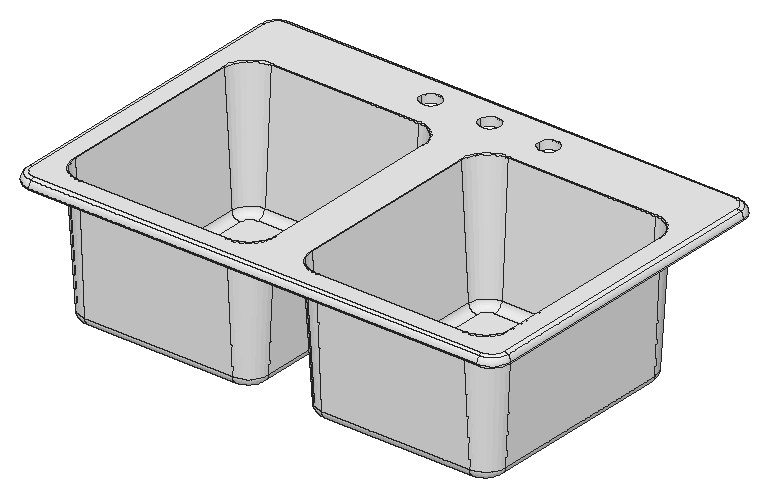
Revit family "Double_Sink-American_Standard-Quince-77DB3322_Series", category Plumbing Fixtures, Revit 2014
Parameters (values of type "77DB33223.308")
  Width = 32 7/8"  # constant formula
  Waste Connection Width = 12 13/16"  # constant formula
  Waste Connection Radius = Waste Connection Diameter / 2  # 3/4"
  Waste Connection Offset = 11 1/8"  # constant formula
  Waste Connection Diameter = 1 1/2"
  Waste Connection = 1 < 2  # yes
  Warranty Information = "Limited Lifetime Warranty"
  WFU = 4  # constant formula
  Vent Connection = no
  URL = "https://www.americanstandard-us.com/"
  Type Comments = "36\" (914mm) cabinet required"
  Sink Offset [instance] = 2"
  Product Page URL = ""
  Product Documentation Link = ""
  Price = "Prices may vary. Please consult Manufacturer Representative for most up-to-date price list."  # constant formula
  Model = "77DB33223.308"
  Material = "Cast Iron-American Standard-308-Brilliant White"
  Manufacturer = "American Standard"  # constant formula
  Length = 22 1/4"  # constant formula
  Installation Type = "Topmount"  # constant formula
  Hot Water Connection Width = 4"
  Hot Water Connection Radius = Hot Water Connection Diameter / 2  # 1/4"
  Hot Water Connection Diameter = 1/2"
  Hole Height = if([4 Hole Option], 2 53/64", 1")  # 1"
  Height = 9"  # constant formula
  HWFU = 3  # constant formula
  HW Connection = 1 < 2  # yes
  Gap = 29 9/16"  # constant formula
  Finish = Cast Iron-American Standard-308-Brilliant White
  Description = "Quince Double Bowl Kitchen Sink"  # constant formula
  Default Elevation = 34"  # constant formula
  Creation Date = "02/07/2019"  # constant formula
  Counter Thickness [instance] = 1"
  Cold Water Connection Width = 4"
  Cold Water Connection Radius = 1/4"
  Cold Water Connection Diameter = Cold Water Connection Radius * 2  # 1/2"
  CWFU = 3  # constant formula
  CW Connection = 1 < 2  # yes
  Bowl Width = 13 1/2"  # constant formula
  Bowl Length = 16 1/8"  # constant formula
  Basin Shape = "Rectangular"  # constant formula
  Assembly Code = "D2010410"
  ADA Compliant = yes
  4 Hole Option = no
Types (3): name | Model | Hole Height | 4 Hole Option
  (no name) | "77DB33223.308" | 1" | no
  77DB33223.308 | "77DB33223.308" | 1" | no
  77DB33224.308 | "77DB33224.308" | 2 53/64" | yes
Reference planes (in)
  plane 1 "Center (Front/Back)": y = 0
  plane 2: z = 0
  plane 3 "Center (Left/Right)": x = 0
  plane 4: x = -16.4375
  plane 5: x = 16.4375
  plane 6: y = -2
  plane 7: y = -24.25
  plane 8: z = -1
  plane 9: z = -8.5625
  plane 10: z = 0.4375
  plane 11: y = -4.1875
  plane 12: y = -6.46875
  plane 13: y = -22.59375
  plane 14: x = -6.40625
  plane 15: x = 6.40625
  plane 16: x = -14.78125
  plane 17: x = 14.78125
  plane 18: x = -1.28125
  plane 19: x = 1.28125
  plane 20: y = -13.125
  plane 21: z = -11.0625
  plane 22: z = -12.5625
  plane 23: x = -4
  plane 24: x = 4
  plane 25: z = 0.0625
  plane 26: x = -4
  plane 27: x = 4
  plane 28: x = 8
  plane 29: z = 0.5625
  plane 30: z = 2.82382
  plane 31: z = 1.82382
Forms (in)
  Sweep 1, solid, material "Cast Iron-American Standard-308-Brilliant White" <- "Finish"
    path origin (0, 0, 0) x (1, 0, 0) y (0, 1, 0)
      loop
        arc (-13.03125, -6.46875) -> (-14.26869, -6.98131) -> (-14.78125, -8.21875) r 1.75
        line (-14.78125, -8.21875) -> (-14.78125, -20.84375)
        arc (-14.78125, -20.84375) -> (-14.26869, -22.08119) -> (-13.03125, -22.59375) r 1.75
        line (-13.03125, -22.59375) -> (-3.03125, -22.59375)
        arc (-3.03125, -22.59375) -> (-1.79381, -22.08119) -> (-1.28125, -20.84375) r 1.75
        line (-1.28125, -20.84375) -> (-1.28125, -8.21875)
        arc (-1.28125, -8.21875) -> (-1.79381, -6.98131) -> (-3.03125, -6.46875) r 1.75
        line (-3.03125, -6.46875) -> (-13.03125, -6.46875)
    profile origin (-14.78125, -14.53125, 0) x (-1, 0, 0) y (0, 0, 1)
      loop
        arc (0.04854, 0.5625) -> (0.01325, 0.54847) -> (-0.00277, 0.51404) r 0.0514
        line (-0.00277, 0.51404) -> (-0.48856, -7.97268)
        arc (-0.48856, -7.97268) -> (-0.66276, -8.34698) -> (-1.04641, -8.49951) r 0.55876
        line (-1.04641, -8.49951) -> (-1.11196, -8.49951) -> (-1.11196, -8.5625) -> (-0.99644, -8.5625)
        arc (-0.99644, -8.5625) -> (-0.58282, -8.39806) -> (-0.39501, -7.99452) r 0.60241
        line (-0.39501, -7.99452) -> (0.0626, 0) -> (0.19685, 0) -> (0.19685, 0.5625) -> (0.04854, 0.5625)
  Extrusion 2, solid, not visible
    sketch origin (0, 0, 0) x (1, 0, 0) y (0, 0, 1)
      loop
        circle (-4, -11.0625) r 0.25
      loop
        circle (4, -11.0625) r 0.25
      loop
        circle (0, -12.5625) r 0.75
    from 0 to 0.0625
  Extrusion 3, solid, material "Cast Iron-American Standard-308-Brilliant White" <- "Finish"
    sketch origin (0, 0, 0) x (1, 0, 0) y (0, 1, 0)
      loop
        arc (-13.03125, -7.58071) -> (-13.48241, -7.76759) -> (-13.66929, -8.21875) r 0.63804
        line (-13.66929, -8.21875) -> (-13.66929, -20.84375)
        arc (-13.66929, -20.84375) -> (-13.48241, -21.29491) -> (-13.03125, -21.48179) r 0.63804
        line (-13.03125, -21.48179) -> (-3.03125, -21.48179)
        arc (-3.03125, -21.48179) -> (-2.58009, -21.29491) -> (-2.39321, -20.84375) r 0.63804
        line (-2.39321, -20.84375) -> (-2.39321, -8.21875)
        arc (-2.39321, -8.21875) -> (-2.58009, -7.76759) -> (-3.03125, -7.58071) r 0.63804
        line (-3.03125, -7.58071) -> (-13.03125, -7.58071)
      loop
        circle (-6.40625, -13.125) r 1.78125
      loop
        arc (3.03125, -7.58071) -> (2.58009, -7.76759) -> (2.39321, -8.21875) r 0.63804
        line (2.39321, -8.21875) -> (2.39321, -20.84375)
        arc (2.39321, -20.84375) -> (2.58009, -21.29491) -> (3.03125, -21.48179) r 0.63804
        line (3.03125, -21.48179) -> (13.03125, -21.48179)
        arc (13.03125, -21.48179) -> (13.48241, -21.29491) -> (13.66929, -20.84375) r 0.63804
        line (13.66929, -20.84375) -> (13.66929, -8.21875)
        arc (13.66929, -8.21875) -> (13.48241, -7.76759) -> (13.03125, -7.58071) r 0.63804
        line (13.03125, -7.58071) -> (3.03125, -7.58071)
      loop
        circle (6.40625, -13.125) r 1.78125
    from -8.5625 to -8.49951
  Extrusion 4, void
    sketch origin (0, 0, 0) x (1, 0, 0) y (0, 1, 0)
      loop
        arc (-13.11131, -6.46875) -> (-14.29214, -6.95786) -> (-14.78125, -8.13869) r 1.66994
        line (-14.78125, -8.13869) -> (-14.78125, -20.92188)
        arc (-14.78125, -20.92188) -> (-14.29157, -22.10407) -> (-13.10937, -22.59375) r 1.67188
        line (-13.10937, -22.59375) -> (13.10938, -22.59375)
        arc (13.10938, -22.59375) -> (14.29157, -22.10407) -> (14.78125, -20.92188) r 1.67188
        line (14.78125, -20.92188) -> (14.78125, -8.14063)
        arc (14.78125, -8.14063) -> (14.29157, -6.95843) -> (13.10938, -6.46875) r 1.67188
        line (13.10938, -6.46875) -> (-13.11131, -6.46875)
    from -8.5625 to 0.96576
  Sweep 5, solid, material "Cast Iron-American Standard-308-Brilliant White" <- "Finish"
    path origin (16.0625, 0, 0) x (1, 0, 0) y (0, 1, 0)
      loop
        arc (-13.03125, -6.46875) -> (-14.26869, -6.98131) -> (-14.78125, -8.21875) r 1.75
        line (-14.78125, -8.21875) -> (-14.78125, -20.84375)
        arc (-14.78125, -20.84375) -> (-14.26869, -22.08119) -> (-13.03125, -22.59375) r 1.75
        line (-13.03125, -22.59375) -> (-3.03125, -22.59375)
        arc (-3.03125, -22.59375) -> (-1.79381, -22.08119) -> (-1.28125, -20.84375) r 1.75
        line (-1.28125, -20.84375) -> (-1.28125, -8.21875)
        arc (-1.28125, -8.21875) -> (-1.79381, -6.98131) -> (-3.03125, -6.46875) r 1.75
        line (-3.03125, -6.46875) -> (-13.03125, -6.46875)
    profile origin (1.28125, -14.53125, 0) x (-1, 0, 0) y (0, 0, 1)
      loop
        arc (0.04854, 0.5625) -> (0.01325, 0.54847) -> (-0.00277, 0.51404) r 0.0514
        line (-0.00277, 0.51404) -> (-0.48856, -7.97268)
        arc (-0.48856, -7.97268) -> (-0.66276, -8.34698) -> (-1.04641, -8.49951) r 0.55876
        line (-1.04641, -8.49951) -> (-1.11196, -8.49951) -> (-1.11196, -8.5625) -> (-0.99644, -8.5625)
        arc (-0.99644, -8.5625) -> (-0.58282, -8.39806) -> (-0.39501, -7.99452) r 0.60241
        line (-0.39501, -7.99452) -> (0.0626, 0) -> (0.19685, 0) -> (0.19685, 0.5625) -> (0.04854, 0.5625)
  Sweep 6, solid, material "Cast Iron-American Standard-308-Brilliant White" <- "Finish"
    path origin (0, 0, 0) x (1, 0, 0) y (0, 1, 0)
      loop
        arc (-15.1875, -2) -> (-16.07138, -2.36612) -> (-16.4375, -3.25) r 1.25
        line (-16.4375, -3.25) -> (-16.4375, -23)
        arc (-16.4375, -23) -> (-16.07138, -23.88388) -> (-15.1875, -24.25) r 1.25
        line (-15.1875, -24.25) -> (15.1875, -24.25)
        arc (15.1875, -24.25) -> (16.07138, -23.88388) -> (16.4375, -23) r 1.25
        line (16.4375, -23) -> (16.4375, -3.25)
        arc (16.4375, -3.25) -> (16.07138, -2.36612) -> (15.1875, -2) r 1.25
        line (15.1875, -2) -> (-15.1875, -2)
    profile origin (-16.4375, -13.125, 0) x (-1, 0, 0) y (0, 0, 1)
      loop
        line (-0.4318, 0.5625) -> (-0.54281, 0.5625) -> (-0.54281, 0) -> (0, 0) -> (0, 0.0625)
        arc (0, 0.0625) -> (-0.05063, 0.29054) -> (-0.19299, 0.47574) r 0.53891
        arc (-0.19299, 0.47574) -> (-0.30476, 0.54014) -> (-0.4318, 0.5625) r 0.37205
  Extrusion 7, solid, material "Cast Iron-American Standard-308-Brilliant White" <- "Finish"
    sketch origin (0, 0, 0) x (1, 0, 0) y (0, 1, 0)
      loop
        arc (-15.1875, -2.54281) -> (-15.68756, -2.74994) -> (-15.89469, -3.25) r 0.70719
        line (-15.89469, -3.25) -> (-15.89469, -23)
        arc (-15.89469, -23) -> (-15.68756, -23.50006) -> (-15.1875, -23.70719) r 0.70719
        line (-15.1875, -23.70719) -> (15.1875, -23.70719)
        arc (15.1875, -23.70719) -> (15.68756, -23.50006) -> (15.89469, -23) r 0.70719
        line (15.89469, -23) -> (15.89469, -3.25)
        arc (15.89469, -3.25) -> (15.68756, -2.74994) -> (15.1875, -2.54281) r 0.70719
        line (15.1875, -2.54281) -> (-15.1875, -2.54281)
      loop
        arc (-13.03125, -6.2719) -> (-14.40788, -6.84212) -> (-14.9781, -8.21875) r 1.94685
        line (-14.9781, -8.21875) -> (-14.9781, -20.84375)
        arc (-14.9781, -20.84375) -> (-14.40788, -22.22038) -> (-13.03125, -22.7906) r 1.94685
        line (-13.03125, -22.7906) -> (-3.03125, -22.7906)
        arc (-3.03125, -22.7906) -> (-1.65462, -22.22038) -> (-1.0844, -20.84375) r 1.94685
        line (-1.0844, -20.84375) -> (-1.0844, -8.21875)
        arc (-1.0844, -8.21875) -> (-1.65462, -6.84212) -> (-3.03125, -6.2719) r 1.94685
        line (-3.03125, -6.2719) -> (-13.03125, -6.2719)
      loop
        line (1.0844, -8.21875) -> (1.0844, -20.84375)
        arc (1.0844, -20.84375) -> (1.65462, -22.22038) -> (3.03125, -22.7906) r 1.94685
        line (3.03125, -22.7906) -> (13.03125, -22.7906)
        arc (13.03125, -22.7906) -> (14.40788, -22.22038) -> (14.9781, -20.84375) r 1.94685
        line (14.9781, -20.84375) -> (14.9781, -8.21875)
        arc (14.9781, -8.21875) -> (14.40788, -6.84212) -> (13.03125, -6.2719) r 1.94685
        line (13.03125, -6.2719) -> (3.03125, -6.2719)
        arc (3.03125, -6.2719) -> (1.65462, -6.84212) -> (1.0844, -8.21875) r 1.94685
      loop
        circle (-4, -4.1875) r 0.6875
      loop
        circle (0, -4.1875) r 0.6875
      loop
        circle (4, -4.1875) r 0.6875
    from 0 to 0.5625
  Extrusion 8, void
    sketch origin (0, 0, 0) x (1, 0, 0) y (0, 1, 0)
      loop
        circle (8, -4.1875) r 0.6875
    from 1.82382 to 2.82382
Cuts and joins
  Extrusion 8 cuts Sweep 1
  Extrusion 8 cuts Extrusion 3
  Extrusion 8 cuts Sweep 5
  Extrusion 8 cuts Sweep 6
  Extrusion 8 cuts Extrusion 7
  joined: Sweep 1, Extrusion 3, Sweep 5, Sweep 6, Extrusion 7
Lines and regions (in)
  Masking region 1
    outline origin (0, 0, 0) x (1, 0, 0) y (0, 1, 0)
      loop
        arc (-15.1875, -2) -> (-16.07138, -2.36612) -> (-16.4375, -3.25) r 1.25
        line (-16.4375, -3.25) -> (-16.4375, -23)
        arc (-16.4375, -23) -> (-16.07138, -23.88388) -> (-15.1875, -24.25) r 1.25
        line (-15.1875, -24.25) -> (15.1875, -24.25)
        arc (15.1875, -24.25) -> (16.07138, -23.88388) -> (16.4375, -23) r 1.25
        line (16.4375, -23) -> (16.4375, -3.25)
        arc (16.4375, -3.25) -> (16.07138, -2.36612) -> (15.1875, -2) r 1.25
        line (15.1875, -2) -> (-15.1875, -2)
  symbolic lines, detail levels fine
    curve 1: circle (-6.40625, -13.125, 0) r 1.78125 normal (0, 0, 1)
    curve 18: circle (6.40625, -13.125, 0) r 1.78125 normal (0, 0, 1)
    curve 19: circle (-4, -4.1875, 0) r 0.6875 normal (0, 0, 1)
    curve 20: circle (0, -4.1875, 0) r 0.6875 normal (0, 0, 1)
    curve 21: circle (4, -4.1875, 0) r 0.6875 normal (0, 0, 1)
  symbolic lines, detail levels medium+fine
    curve 2: line (-3.03125, -6.40615, 0) -> (-13.03125, -6.40615, 0)
    curve 3: line (-14.78125, -8.13869, 0) -> (-14.78125, -20.92188, 0)
    curve 4: line (-1.21865, -20.84375, 0) -> (-1.21865, -8.21875, 0)
    curve 5: line (-13.03125, -22.65635, 0) -> (-3.03125, -22.65635, 0)
    curve 6: arc (-13.11131, -6.46875, 0) -> (-14.29214, -6.95786, 0) -> (-14.78125, -8.13869, 0) r 1.66994
    curve 7: arc (-1.21865, -8.21875, 0) -> (-1.74955, -6.93705, 0) -> (-3.03125, -6.40615, 0) r 1.8126
    curve 8: arc (-3.03125, -22.65635, 0) -> (-1.74955, -22.12545, 0) -> (-1.21865, -20.84375, 0) r 1.8126
    curve 9: arc (-14.78125, -20.92188, 0) -> (-14.29157, -22.10407, 0) -> (-13.10937, -22.59375, 0) r 1.67188
    curve 10: line (13.03125, -6.40615, 0) -> (3.03125, -6.40615, 0)
    curve 11: arc (3.03125, -6.40615, 0) -> (1.74955, -6.93705, 0) -> (1.21865, -8.21875, 0) r 1.8126
    curve 12: line (1.21865, -8.21875, 0) -> (1.21865, -20.84375, 0)
    curve 13: arc (1.21865, -20.84375, 0) -> (1.74955, -22.12545, 0) -> (3.03125, -22.65635, 0) r 1.8126
    curve 14: line (3.03125, -22.65635, 0) -> (13.03125, -22.65635, 0)
    curve 15: arc (13.03125, -22.65635, 0) -> (14.31295, -22.12545, 0) -> (14.84385, -20.84375, 0) r 1.8126
    curve 16: line (14.84385, -20.84375, 0) -> (14.84385, -8.21875, 0)
    curve 17: arc (14.84385, -8.21875, 0) -> (14.31295, -6.93705, 0) -> (13.03125, -6.40615, 0) r 1.8126
  symbolic lines, visible <- "4 Hole Option", detail levels fine
    curve 22: circle (8, -4.1875, 0) r 0.6875 normal (0, 0, 1)
Dimensions and locks (in)
  equal spacing: plane 4, plane 3 "Center (Left/Right)", plane 5
  "Sink Offset": plane 1 "Center (Front/Back)" to plane 6
  "Length": plane 6 to plane 7
  "Width": plane 4 to plane 5
  "Counter Thickness": level to plane 8
  "Height": plane 10 to plane 9
  locked: plane 11 to plane 6 at 2.1875
  "Bowl Length": plane 13 to plane 12
  "Bowl Width": plane 16 to plane 18
  "Bowl Width": plane 19 to plane 17
  "Waste Connection Offset": plane 6 to plane 20
  locked: Sweep 1 sketch curve to plane 9 at 0.06299
  locked: level to plane 21 at 11.0625
  locked: level to plane 22 at 12.5625
  "Hot Water Connection Width": plane 23 to plane 3 "Center (Left/Right)"
  "Cold Water Connection Width": plane 24 to plane 3 "Center (Left/Right)"
  equal spacing: plane 16, plane 3 "Center (Left/Right)", plane 17
  "Gap": plane 16 to plane 17
  locked: plane 12 to plane 6 at 4.46875
  locked: plane 25 to plane 10 at 0.375
  Sweep 1 sketch curve to plane 16 = 0.0626"
  locked: Sweep 1 sketch curve to plane 16 at 0.19685
  locked: plane 16 to Sweep 1 sketch curve at 0.39501
  plane 16 to Sweep 1 sketch curve = 0.48856"
  equal spacing: plane 26, plane 3 "Center (Left/Right)", plane 27, plane 28
  locked: plane 26 to plane 28 at 12
  locked: Extrusion 4 to level at 0.96576
  locked: plane 29 to plane 8 at 1.5625
  equal spacing: plane 14, plane 3 "Center (Left/Right)", plane 15
  "Waste Connection Width": plane 14 to plane 15
  locked: plane 16 to Sweep 1 sketch curve at 0.00277
  locked: Sweep 5 sketch curve to plane 19 at 0.19685
  locked: plane 19 to Sweep 5 sketch curve at 0.00277
  locked: Sweep 5 sketch curve to plane 19 at 0.04854
  locked: Sweep 5 sketch curve to plane 9 at 0.06299
  locked: plane 19 to Sweep 5 sketch curve at 0.39501
  locked: plane 19 to Sweep 5 sketch curve at 0.48856
  locked: plane 4 to Sweep 6 sketch curve at 0.54281
  locked: plane 30 to level at 2.82382
  "Hole Height": plane 30 to plane 31
  "Hot Water Connection Diameter": diameter of Extrusion 2 sketch curve
  "Cold Water Connection Diameter": diameter of Extrusion 2 sketch curve
  "Waste Connection Diameter": diameter of Extrusion 2 sketch curve
  radius of Sweep 1 sketch curve = 1 3/4"  (x4)
  diameter of Extrusion 3 sketch curve = 3 9/16"  (x2)
  radius of Extrusion 4 sketch curve = 1.66994"
  radius of Extrusion 4 sketch curve = 1 43/64"  (x3)
  radius of Sweep 1 sketch curve = 0.0514"
  radius of Sweep 5 sketch curve = 1 3/4"  (x4)
  radius of Sweep 5 sketch curve = 0.0514"
  radius of Sweep 5 sketch curve = 0.55876"
  radius of Sweep 5 sketch curve = 0.60241"
  radius of Sweep 6 sketch curve = 1 1/4"  (x4)
  radius of Sweep 6 sketch curve = 0.37205"
  radius of Sweep 6 sketch curve = 0.53891"
  diameter of Extrusion 7 sketch curve = 1 3/8"  (x3)
  radius of Masking region 1 sketch curve = 1 1/4"  (x4)
  diameter of Extrusion 8 sketch curve = 1 3/8"
  diameter of curve 22 = 1 3/8"
  aligned and locked: plane 12 to Sweep 1 sketch curve
  aligned and locked: Sweep 1 sketch curve to plane 16
  aligned and locked: Sweep 1 sketch curve to plane 13
  aligned and locked: Sweep 1 sketch curve to plane 18
  aligned and locked: plane 9 to Sweep 1 sketch curve
  aligned and locked: plane 21 to Extrusion 2 sketch curve  (x2)
  aligned and locked: plane 24 to Extrusion 2 sketch curve
  aligned and locked: plane 23 to Extrusion 2 sketch curve
  aligned and locked: plane 22 to Extrusion 2 sketch curve
  aligned and locked: plane 3 "Center (Left/Right)" to Extrusion 2 sketch curve
  aligned and locked: Extrusion 3 sketch curve to Sweep 1  (x4)
  aligned and locked: plane 14 to Extrusion 3 sketch curve
  aligned and locked: plane 20 to Extrusion 3 sketch curve  (x2)
  aligned and locked: plane 12 to Extrusion 4 sketch curve
  aligned and locked: Extrusion 4 sketch curve to plane 16
  aligned and locked: Extrusion 4 sketch curve to plane 13
  aligned and locked: Extrusion 4 sketch curve to plane 17
  aligned and locked: plane 9 to Extrusion 4
  aligned and locked: curve 1 to cut or joined group of Sweep 1, Extrusion 3, Sweep 5, Sweep 6, Extrusion 7, Extrusion 8
  aligned and locked: curve 5 to cut or joined group of Sweep 1, Extrusion 3, Sweep 5, Sweep 6, Extrusion 7, Extrusion 8
  aligned and locked: curve 6 to Extrusion 4
  aligned and locked: curve 7 to cut or joined group of Sweep 1, Extrusion 3, Sweep 5, Sweep 6, Extrusion 7, Extrusion 8
  aligned and locked: curve 8 to cut or joined group of Sweep 1, Extrusion 3, Sweep 5, Sweep 6, Extrusion 7, Extrusion 8
  aligned and locked: curve 9 to Extrusion 4
  aligned and locked: plane 29 to Sweep 1 sketch curve
  aligned and locked: Sweep 1 sketch curve to level
  aligned and locked: plane 12 to Sweep 5 sketch curve
  aligned and locked: Sweep 5 sketch curve to plane 17
  aligned and locked: Sweep 5 sketch curve to plane 13
  aligned and locked: Sweep 5 sketch curve to plane 19
  aligned and locked: plane 29 to Sweep 5 sketch curve
  aligned and locked: Sweep 5 sketch curve to level
  aligned and locked: plane 9 to Sweep 5 sketch curve
  aligned and locked: Extrusion 3 sketch curve to Sweep 5  (x4)
  aligned and locked: plane 15 to Extrusion 3 sketch curve
  aligned and locked: Sweep 6 sketch curve to plane 6
  aligned and locked: plane 4 to Sweep 6 sketch curve
  aligned and locked: plane 7 to Sweep 6 sketch curve
  aligned and locked: plane 5 to Sweep 6 sketch curve
  aligned and locked: level to Sweep 6 sketch curve
  aligned and locked: Sweep 6 sketch curve to plane 29
  aligned and locked: profile plane to Sweep 6 sketch curve
  aligned and locked: Extrusion 7 sketch curve to Sweep 6  (x4)
  aligned and locked: Extrusion 7 sketch curve to cut or joined group of Sweep 1, Extrusion 3, Sweep 5, Sweep 6, Extrusion 7, Extrusion 8  (x8)
  aligned and locked: plane 26 to Extrusion 7 sketch curve
  aligned and locked: plane 3 "Center (Left/Right)" to Extrusion 7 sketch curve
  aligned and locked: plane 27 to Extrusion 7 sketch curve
  aligned and locked: plane 11 to Extrusion 7 sketch curve  (x3)
  aligned and locked: Sweep 6 to Extrusion 7  (x2)
  aligned and locked: Masking region 1 sketch curve to plane 6
  aligned and locked: plane 4 to Masking region 1 sketch curve
  aligned and locked: plane 7 to Masking region 1 sketch curve
  aligned and locked: plane 5 to Masking region 1 sketch curve
  aligned and locked: curve 11 to cut or joined group of Sweep 1, Extrusion 3, Sweep 5, Sweep 6, Extrusion 7, Extrusion 8
  aligned and locked: curve 13 to cut or joined group of Sweep 1, Extrusion 3, Sweep 5, Sweep 6, Extrusion 7, Extrusion 8
  aligned and locked: curve 15 to cut or joined group of Sweep 1, Extrusion 3, Sweep 5, Sweep 6, Extrusion 7, Extrusion 8
  aligned and locked: curve 17 to cut or joined group of Sweep 1, Extrusion 3, Sweep 5, Sweep 6, Extrusion 7, Extrusion 8
  aligned and locked: curve 18 to cut or joined group of Sweep 1, Extrusion 3, Sweep 5, Sweep 6, Extrusion 7, Extrusion 8
  aligned and locked: curve 19 to cut or joined group of Sweep 1, Extrusion 3, Sweep 5, Sweep 6, Extrusion 7, Extrusion 8
  aligned and locked: curve 20 to cut or joined group of Sweep 1, Extrusion 3, Sweep 5, Sweep 6, Extrusion 7, Extrusion 8
  aligned and locked: curve 21 to cut or joined group of Sweep 1, Extrusion 3, Sweep 5, Sweep 6, Extrusion 7, Extrusion 8
  aligned and locked: plane 28 to Extrusion 8 sketch curve
  aligned and locked: plane 11 to Extrusion 8 sketch curve
  aligned and locked: Extrusion 8 to plane 31
  aligned and locked: plane 30 to Extrusion 8
  aligned and locked: plane 28 to curve 22
  aligned and locked: plane 11 to curve 22
Automatic sketch dimensions
  Sweep 1 sketch curve to Sweep 1 sketch curve = 0.50788"
  Sweep 1 sketch curve to Sweep 1 sketch curve = 0.04997"
  Sweep 1 sketch curve to Sweep 1 sketch curve = 0.06555"
  Sweep 1 sketch curve to profile plane = 0.04854"
  Sweep 1 sketch curve to Sweep 1 sketch curve = 0.50499"
  Sweep 1 sketch curve to Sweep 1 sketch curve = 0.02184"
  Extrusion 4 sketch curve to plane 17 = 0"
  Sweep 5 sketch curve to Sweep 5 sketch curve = 0.06555"
  Sweep 5 sketch curve to profile plane = 0.0626"
  Sweep 5 sketch curve to Sweep 5 sketch curve = 0.01259"
  Sweep 5 sketch curve to Sweep 5 sketch curve = 0.02184"
  level to Sweep 6 sketch curve = 1/16"
  Sweep 6 sketch curve to Sweep 6 sketch curve = 0.10711"
  curve 9 to curve 5 = 5/64"
  curve 6 to curve 2 = 0.08006"
Connectors (in)
  piping at (-4, 0, -11.0625), diameter 0.5, driven by "HWFU", driven by "Hot Water Connection Diameter"
    settings: on Extrusion 2, index 1, connector inside diameter 24", connector length 0", flow factor 0, pipe flow 0 GPM, pressure drop 0.00 psi, fitting loss kfactor 0, connector angle 0.00°, fixture units 3, engagement length 0", angle of deflection 0.00°, flow configuration 3, flow direction 1, fitting loss method 0, system type 19, joint type 0, gender type 0, connector reference index -1, connector utility 0, adjustable connector no, is connector primary yes, connector description "1/2\" HW Inlet"
  piping at (0, 0, -12.5625), diameter 1.5, driven by "WFU", driven by "Waste Connection Diameter"
    settings: on Extrusion 2, index 2, connector inside diameter 24", connector length 0", flow factor 0, pipe flow 0 GPM, pressure drop 0.00 psi, fitting loss kfactor 0, connector angle 0.00°, fixture units 4, engagement length 0", angle of deflection 0.00°, flow configuration 3, flow direction 2, fitting loss method 0, system type 16, joint type 0, gender type 0, connector reference index -1, connector utility 0, adjustable connector yes, is connector primary no, connector description "1-1/2\" Waste Outlet"
  piping at (4, 0, -11.0625), diameter 0.5, driven by "CWFU", driven by "Cold Water Connection Diameter"
    settings: on Extrusion 2, index 3, connector inside diameter 24", connector length 0", flow factor 0, pipe flow 0 GPM, pressure drop 0.00 psi, fitting loss kfactor 0, connector angle 0.00°, fixture units 3, engagement length 0", angle of deflection 0.00°, flow configuration 3, flow direction 1, fitting loss method 0, system type 20, joint type 0, gender type 0, connector reference index -1, connector utility 0, adjustable connector no, is connector primary no, connector description "1/2\" CW Inlet"
